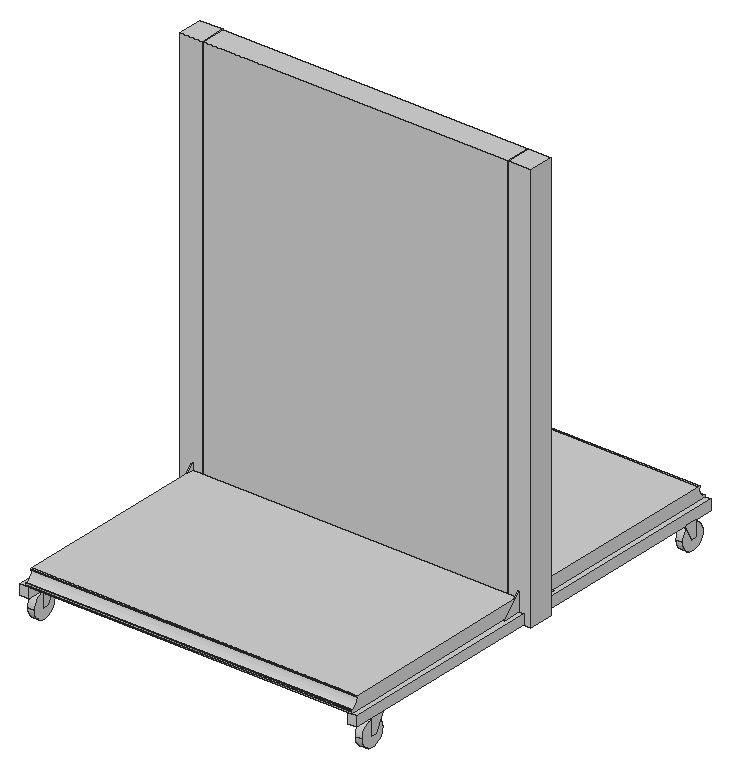
Revit family "TG", category Specialty Equipment, Revit 2012
Parameters (values of type "T-Leg Mobile Gondola (Default)")
  Width = 3' - 0"
  URL = "http://madixinc.com/display/maxiline/core.html"
  Model = "Maxi Line"
  Manufacturer = "© 2012 Madix, Inc. All rights reserved."
  "Front" Shelf Depth = 1' - 10"
  "Back" Shelf Depth = 1' - 10"
  Upright Height = 4' - 0"
Reference planes (in)
  plane 1 "Center (Front/Back)": y = 0
  plane 2: z = 0
  plane 3 "Center (Left/Right)": x = 0
  plane 4: y = 1.375
  plane 5: y = -1.375
  plane 6: z = 48
  plane 7: z = 0
  plane 8 "1st shelf": z = 23.5
  plane 9 "2nd shelf": z = 41.5
  plane 10 "3rd shelf": z = 59.5
  plane 11 "4th shelf": z = 77.5
  plane 12: y = -24.25
  plane 13: x = -18
  plane 14: x = 18
  plane 15: x = -17.875
  plane 16: x = 17.875
  plane 17: z = 41.5
  plane 18: y = 24.25
  plane 19: y = 23.375
  plane 20: y = -23.375
  plane 21: x = -18.5
  plane 22: x = -17.5
  plane 23: x = -18.375
  plane 24: x = -17.625
  plane 25: x = 18.375
  plane 26: x = 17.625
Forms (in)
  Extrusion 1, solid, material "Metal - Steel"
    sketch origin (-24, 1.375, 0) x (1, 0, 0) y (0, 0, 1)
      loop
        line (4.75, 3) -> (7.25, 3) -> (7.25, 48) -> (4.75, 48) -> (4.75, 3)
      loop
        line (43.25, 48) -> (40.75, 48) -> (40.75, 3) -> (43.25, 3) -> (43.25, 48)
      loop
        line (40.71924, 3) -> (40.71924, 48) -> (7.2815, 48) -> (7.2815, 3) -> (40.71924, 3)
    from 0 to 2.75
  Extrusion 2, solid, material "Metal - Steel"
    sketch origin (0, 0, 0) x (0, 1, 0) y (0, 0, 1)
      loop
        line (-24.25, 4.125) -> (-1.375, 4.125) -> (-1.375, 5.5) -> (-23.375, 5.5) -> (-23.50139, 5.5) -> (-23.50139, 5.375) -> (-23.375, 5.375)
        arc (-23.375, 5.375) -> (-23.63696, 4.73714) -> (-24.125, 4.25) r 1.75
        line (-24.125, 4.25) -> (-24.125, 4.375) -> (-24.25, 4.375) -> (-24.25, 4.25) -> (-24.25, 4.125)
    from -17.875 to 17.875
  Extrusion 3, solid, material "Metal - Steel"
    sketch origin (0, 0, 0) x (0, 1, 0) y (0, 0, 1)
      loop
        line (-24.25, 4.125) -> (-24.25, 3) -> (-1.375, 3) -> (-1.375, 4.125) -> (-24.25, 4.125)
    from -18.5 to -17.5
  Extrusion 4, solid, material "Metal - Steel"
    sketch origin (0, 0, 0) x (0, 1, 0) y (0, 0, -1)
      loop
        line (-24.25, -4.125) -> (-1.375, -4.125) -> (-1.375, -3) -> (-24.25, -3) -> (-24.25, -4.125)
    from -18.5 to -17.5
  Extrusion 5, solid, material "Metal - Steel"
    sketch origin (0, 0, 0) x (0, -1, 0) y (0, 0, 1)
      loop
        line (-24.25, 4.125) -> (-24.25, 3) -> (-1.375, 3) -> (-1.375, 4.125) -> (-24.25, 4.125)
    from -18.5 to -17.5
  Extrusion 6, solid, material "Metal - Steel"
    sketch origin (0, 0, 0) x (0, -1, 0) y (0, 0, -1)
      loop
        line (-24.25, -4.125) -> (-1.375, -4.125) -> (-1.375, -3) -> (-24.25, -3) -> (-24.25, -4.125)
    from -18.5 to -17.5
  Extrusion 7, solid, material "Metal - Steel"
    sketch origin (0, 0, 0) x (0, -1, 0) y (0, 0, -1)
      loop
        line (-24.25, -4.125) -> (-24.25, -4.25) -> (-24.25, -4.375) -> (-24.125, -4.375) -> (-24.125, -4.25)
        arc (-24.125, -4.25) -> (-23.63696, -4.73714) -> (-23.375, -5.375) r 1.75
        line (-23.375, -5.375) -> (-23.50139, -5.375) -> (-23.50139, -5.5) -> (-23.375, -5.5) -> (-1.375, -5.5) -> (-1.375, -4.125) -> (-24.25, -4.125)
    from -17.875 to 17.875
  Extrusion 8, solid, material "Metal - Steel"
    sketch origin (0, 0, 0) x (0, 1, 0) y (0, 0, 1)
      loop
        line (-1.375, 4.125) -> (-1.375, 6.125) -> (-3.375, 4.125) -> (-1.375, 4.125)
    from -18 to -17.875
  Extrusion 9, solid, material "Metal - Steel"
    sketch origin (0, 0, 0) x (0, 1, 0) y (0, 0, -1)
      loop
        line (-1.375, -4.125) -> (-3.375, -4.125) -> (-1.375, -6.125) -> (-1.375, -4.125)
    from -18 to -17.875
  Extrusion 10, solid, material "Metal - Steel"
    sketch origin (0, 0, 0) x (0, -1, 0) y (0, 0, 1)
      loop
        line (-1.375, 4.125) -> (-1.375, 6.125) -> (-3.375, 4.125) -> (-1.375, 4.125)
    from -18 to -17.875
  Extrusion 11, solid, material "Metal - Steel"
    sketch origin (0, 0, 0) x (0, -1, 0) y (0, 0, -1)
      loop
        line (-1.375, -4.125) -> (-3.375, -4.125) -> (-1.375, -6.125) -> (-1.375, -4.125)
    from -18 to -17.875
  Extrusion 12, solid, material "Metal - Steel"
    sketch origin (0, 0, 0) x (0, 1, 0) y (0, 0, 1)
      loop
        circle (22, 1.375) r 1.375
    from -18.375 to -17.625
  Extrusion 13, solid, material "Metal - Steel"
    sketch origin (0, 0, 0) x (0, 1, 0) y (0, 0, -1)
      loop
        circle (22, -1.375) r 1.375
    from -18.375 to -17.625
  Extrusion 14, solid, material "Metal - Steel"
    sketch origin (0, 0, 0) x (0, -1, 0) y (0, 0, 1)
      loop
        circle (22, 1.375) r 1.375
    from -18.375 to -17.625
  Extrusion 15, solid, material "Metal - Steel"
    sketch origin (0, 0, 0) x (0, -1, 0) y (0, 0, -1)
      loop
        circle (22, -1.375) r 1.375
    from -18.375 to -17.625
  Extrusion 16, solid, material "Metal - Steel"
    sketch origin (0, 0, 0) x (0, 1, 0) y (0, 0, 1)
      loop
        line (22.25, 1.25) -> (22.25, 3) -> (20.75, 3) -> (21.75, 1.25) -> (22.25, 1.25)
    from -18.5 to -18.375
  Extrusion 17, solid, material "Metal - Steel"
    sketch origin (-36, 0, 0) x (0, 1, 0) y (0, 0, -1)
      loop
        line (22.25, -1.25) -> (21.75, -1.25) -> (20.75, -3) -> (22.25, -3) -> (22.25, -1.25)
    from -18.5 to -18.375
  Extrusion 18, solid, material "Metal - Steel"
    sketch origin (36, 0, 0) x (0, 1, 0) y (0, 0, 1)
      loop
        line (22.25, 1.25) -> (22.25, 3) -> (20.75, 3) -> (21.75, 1.25) -> (22.25, 1.25)
    from -18.5 to -18.375
  Extrusion 19, solid, material "Metal - Steel"
    sketch origin (0, 0, 0) x (0, 1, 0) y (0, 0, -1)
      loop
        line (22.25, -1.25) -> (21.75, -1.25) -> (20.75, -3) -> (22.25, -3) -> (22.25, -1.25)
    from -18.5 to -18.375
  Extrusion 20, solid, material "Metal - Steel"
    sketch origin (0, 0, 0) x (0, -1, 0) y (0, 0, 1)
      loop
        line (22.25, 1.25) -> (22.25, 3) -> (20.75, 3) -> (21.75, 1.25) -> (22.25, 1.25)
    from -18.5 to -18.375
  Extrusion 21, solid, material "Metal - Steel"
    sketch origin (36, 0, 0) x (0, -1, 0) y (0, 0, -1)
      loop
        line (22.25, -1.25) -> (21.75, -1.25) -> (20.75, -3) -> (22.25, -3) -> (22.25, -1.25)
    from -18.5 to -18.375
  Extrusion 22, solid, material "Metal - Steel"
    sketch origin (-36, 0, 0) x (0, -1, 0) y (0, 0, 1)
      loop
        line (22.25, 1.25) -> (22.25, 3) -> (20.75, 3) -> (21.75, 1.25) -> (22.25, 1.25)
    from -18.5 to -18.375
  Extrusion 23, solid, material "Metal - Steel"
    sketch origin (0, 0, 0) x (0, -1, 0) y (0, 0, -1)
      loop
        line (22.25, -1.25) -> (21.75, -1.25) -> (20.75, -3) -> (22.25, -3) -> (22.25, -1.25)
    from -18.5 to -18.375
Dimensions and locks (in)
  "Upright Height": plane 6 to level
  ""Front" Shelf Depth": plane 20 to plane 5
  equal spacing: plane 13, plane 3 "Center (Left/Right)", plane 14
  "Width": plane 13 to plane 14
  locked: plane 13 to plane 15 at 0.125
  locked: plane 16 to plane 14 at 0.125
  ""Back" Shelf Depth": plane 4 to plane 19
  locked: plane 19 to plane 18 at 0.875
  locked: plane 20 to plane 12 at 0.875
  Extrusion 3 to plane 23 to plane 24 to Extrusion 3 = 0' - 0 1/8" locked, 0' - 0 3/4" locked, 0' - 0 1/8" locked
  Extrusion 4 to plane 26 to plane 25 to Extrusion 4 = 0' - 0 1/8" locked, 0' - 0 3/4" locked, 0' - 0 1/8" locked
  aligned and locked: level to plane 2
  aligned and locked: plane 12 to Extrusion 2
  aligned and locked: Extrusion 1 to plane 6  (x2)
  aligned and locked: plane 20 to Extrusion 2
  aligned and locked: Extrusion 2 to plane 15
  aligned and locked: Extrusion 2 to plane 16
  aligned and locked: plane 13 to Extrusion 8
  aligned and locked: Extrusion 8 to Extrusion 2
  aligned and locked: Extrusion 9 to plane 14
  aligned and locked: Extrusion 9 to Extrusion 2
  aligned and locked: Extrusion 10 to plane 14
  aligned and locked: Extrusion 10 to Extrusion 2
  aligned and locked: plane 15 to Extrusion 11
  aligned and locked: plane 13 to Extrusion 11
  aligned and locked: Extrusion 12 to plane 23
  aligned and locked: Extrusion 12 to plane 24
  aligned and locked: Extrusion 13 to plane 26
  aligned and locked: Extrusion 13 to plane 25
  aligned and locked: Extrusion 14 to plane 26
  aligned and locked: Extrusion 14 to plane 25
  aligned and locked: Extrusion 15 to plane 23
  aligned and locked: Extrusion 15 to plane 24
  aligned and locked: Extrusion 6 to Extrusion 16
  aligned and locked: Extrusion 16 to Extrusion 12
  aligned and locked: Extrusion 17 to Extrusion 12
  aligned and locked: Extrusion 6 to Extrusion 17
  aligned and locked: plane 26 to Extrusion 18
  aligned and locked: Extrusion 5 to Extrusion 18
  aligned and locked: Extrusion 5 to Extrusion 19
  aligned and locked: plane 25 to Extrusion 19
  aligned and locked: Extrusion 4 to Extrusion 20
  aligned and locked: plane 25 to Extrusion 20
  aligned and locked: plane 26 to Extrusion 21
  aligned and locked: Extrusion 4 to Extrusion 21
  aligned and locked: Extrusion 3 to Extrusion 22
  aligned and locked: plane 24 to Extrusion 22
  aligned and locked: plane 23 to Extrusion 23
  aligned and locked: Extrusion 3 to Extrusion 23
Automatic sketch dimensions
  Extrusion 1 sketch curve to plane 6 = 0' - 0"  (x3)
  Extrusion 1 sketch curve to plane 21 = 0' - 0 3/4"
  Extrusion 1 sketch curve to plane 22 = 0' - 0 3/4"
  Extrusion 1 sketch curve to Extrusion 1 sketch curve = 0' - 0.0315"
  Extrusion 1 sketch curve to plane 26 = 0' - 0.90576"
  Extrusion 1 sketch curve to Extrusion 1 sketch curve = 0' - 0.03076"
  Extrusion 1 sketch curve to plane 25 = 0' - 0 7/8"
  level to Extrusion 1 sketch curve = 0' - 3"
  Extrusion 1 sketch curve to Extrusion 1 sketch curve = 0' - 0"  (x2)
  Extrusion 2 sketch curve to plane 12 = 0' - 0"
  Extrusion 2 sketch curve to plane 20 = 0' - 0"  (x2)
  Extrusion 2 sketch curve to plane 5 = 0' - 0"
  Extrusion 2 sketch curve to plane 12 = 0' - 0.84305"
  plane 12 to Extrusion 2 sketch curve = 0' - 0 1/8"
  Extrusion 2 sketch curve to Extrusion 2 sketch curve = 0' - 0.12639"
  level to Extrusion 2 sketch curve = 0' - 4 1/8"
  Extrusion 2 sketch curve to Extrusion 2 sketch curve = 0' - 0 1/8"  (x3)
  Extrusion 2 sketch curve to Extrusion 2 sketch curve = 0' - 0"
  Extrusion 2 sketch curve to Extrusion 2 sketch curve = 0' - 1"
  Extrusion 3 sketch curve to plane 12 = 0' - 0"
  Extrusion 3 sketch curve to plane 5 = 0' - 0"
  level to Extrusion 3 sketch curve = 0' - 3"
  Extrusion 3 sketch curve to Extrusion 3 sketch curve = 0' - 1 1/8"
  Extrusion 4 sketch curve to plane 12 = 0' - 0"
  Extrusion 4 sketch curve to plane 5 = 0' - 0"
  level to Extrusion 4 sketch curve = 0' - 4 1/8"
  Extrusion 4 sketch curve to Extrusion 4 sketch curve = 0' - 1 1/8"
  Extrusion 5 sketch curve to plane 18 = 0' - 0"
  Extrusion 5 sketch curve to plane 4 = 0' - 0"
  level to Extrusion 5 sketch curve = 0' - 3"
  Extrusion 5 sketch curve to Extrusion 5 sketch curve = 0' - 1 1/8"
  Extrusion 6 sketch curve to plane 18 = 0' - 0"
  Extrusion 6 sketch curve to plane 4 = 0' - 0"
  Extrusion 6 sketch curve to level = 0' - 3"
  Extrusion 6 sketch curve to Extrusion 6 sketch curve = 0' - 1 1/8"
  Extrusion 7 sketch curve to plane 18 = 0' - 0"
  Extrusion 7 sketch curve to plane 19 = 0' - 0"  (x2)
  Extrusion 7 sketch curve to plane 4 = 0' - 0"
  plane 18 to Extrusion 7 sketch curve = 0' - 0.84305"
  Extrusion 7 sketch curve to plane 18 = 0' - 0 1/8"
  Extrusion 7 sketch curve to Extrusion 7 sketch curve = 0' - 0.12639"
  Extrusion 7 sketch curve to level = 0' - 4 1/8"
  Extrusion 7 sketch curve to Extrusion 7 sketch curve = 0' - 0 1/8"  (x3)
  Extrusion 7 sketch curve to Extrusion 7 sketch curve = 0' - 0"
  Extrusion 7 sketch curve to Extrusion 7 sketch curve = 0' - 1"
  Extrusion 8 sketch curve to plane 5 = 0' - 0"
  Extrusion 8 sketch curve to Extrusion 8 sketch curve = 0' - 2"  (x2)
  level to Extrusion 8 sketch curve = 0' - 4 1/8"
  Extrusion 9 sketch curve to plane 5 = 0' - 0"
  Extrusion 9 sketch curve to Extrusion 9 sketch curve = 0' - 2"  (x2)
  level to Extrusion 9 sketch curve = 0' - 6 1/8"
  Extrusion 10 sketch curve to plane 4 = 0' - 0"
  Extrusion 10 sketch curve to Extrusion 10 sketch curve = 0' - 2"  (x2)
  level to Extrusion 10 sketch curve = 0' - 4 1/8"
  Extrusion 11 sketch curve to plane 4 = 0' - 0"
  Extrusion 11 sketch curve to Extrusion 11 sketch curve = 0' - 2"  (x2)
  level to Extrusion 11 sketch curve = 0' - 6 1/8"
  plane 19 to Extrusion 12 sketch curve = 0' - 1 3/8"
  level to Extrusion 12 sketch curve = 0' - 1 3/8"
  plane 19 to Extrusion 13 sketch curve = 0' - 1 3/8"
  level to Extrusion 13 sketch curve = 0' - 1 3/8"
  plane 20 to Extrusion 14 sketch curve = 0' - 1 3/8"
  level to Extrusion 14 sketch curve = 0' - 1 3/8"
  plane 20 to Extrusion 15 sketch curve = 0' - 1 3/8"
  level to Extrusion 15 sketch curve = 0' - 1 3/8"
  plane 19 to Extrusion 16 sketch curve = 0' - 2 5/8"
  plane 19 to Extrusion 16 sketch curve = 0' - 1 5/8"
  plane 19 to Extrusion 16 sketch curve = 0' - 1 1/8"
  level to Extrusion 16 sketch curve = 0' - 1 1/4"
  Extrusion 16 sketch curve to Extrusion 16 sketch curve = 0' - 1 3/4"
  plane 19 to Extrusion 17 sketch curve = 0' - 2 5/8"
  plane 19 to Extrusion 17 sketch curve = 0' - 1 5/8"
  plane 19 to Extrusion 17 sketch curve = 0' - 1 1/8"
  level to Extrusion 17 sketch curve = 0' - 3"
  level to Extrusion 17 sketch curve = 0' - 1 1/4"
  plane 19 to Extrusion 18 sketch curve = 0' - 2 5/8"
  plane 19 to Extrusion 18 sketch curve = 0' - 1 5/8"
  plane 19 to Extrusion 18 sketch curve = 0' - 1 1/8"
  level to Extrusion 18 sketch curve = 0' - 1 1/4"
  Extrusion 18 sketch curve to Extrusion 18 sketch curve = 0' - 1 3/4"
  plane 19 to Extrusion 19 sketch curve = 0' - 2 5/8"
  plane 19 to Extrusion 19 sketch curve = 0' - 1 5/8"
  plane 19 to Extrusion 19 sketch curve = 0' - 1 1/8"
  level to Extrusion 19 sketch curve = 0' - 3"
  level to Extrusion 19 sketch curve = 0' - 1 1/4"
  plane 20 to Extrusion 20 sketch curve = 0' - 2 5/8"
  plane 20 to Extrusion 20 sketch curve = 0' - 1 5/8"
  plane 20 to Extrusion 20 sketch curve = 0' - 1 1/8"
  level to Extrusion 20 sketch curve = 0' - 1 1/4"
  Extrusion 20 sketch curve to Extrusion 20 sketch curve = 0' - 1 3/4"
  plane 20 to Extrusion 21 sketch curve = 0' - 2 5/8"
  plane 20 to Extrusion 21 sketch curve = 0' - 1 5/8"
  plane 20 to Extrusion 21 sketch curve = 0' - 1 1/8"
  level to Extrusion 21 sketch curve = 0' - 3"
  level to Extrusion 21 sketch curve = 0' - 1 1/4"
  plane 20 to Extrusion 22 sketch curve = 0' - 2 5/8"
  plane 20 to Extrusion 22 sketch curve = 0' - 1 5/8"
  plane 20 to Extrusion 22 sketch curve = 0' - 1 1/8"
  level to Extrusion 22 sketch curve = 0' - 1 1/4"
  Extrusion 22 sketch curve to Extrusion 22 sketch curve = 0' - 1 3/4"
  plane 20 to Extrusion 23 sketch curve = 0' - 2 5/8"
  plane 20 to Extrusion 23 sketch curve = 0' - 1 5/8"
  plane 20 to Extrusion 23 sketch curve = 0' - 1 1/8"
  level to Extrusion 23 sketch curve = 0' - 3"
  level to Extrusion 23 sketch curve = 0' - 1 1/4"
  radius of Extrusion 12 sketch curve = 0' - 1 3/8"
  radius of Extrusion 13 sketch curve = 0' - 1 3/8"
  radius of Extrusion 14 sketch curve = 0' - 1 3/8"
  radius of Extrusion 15 sketch curve = 0' - 1 3/8"
